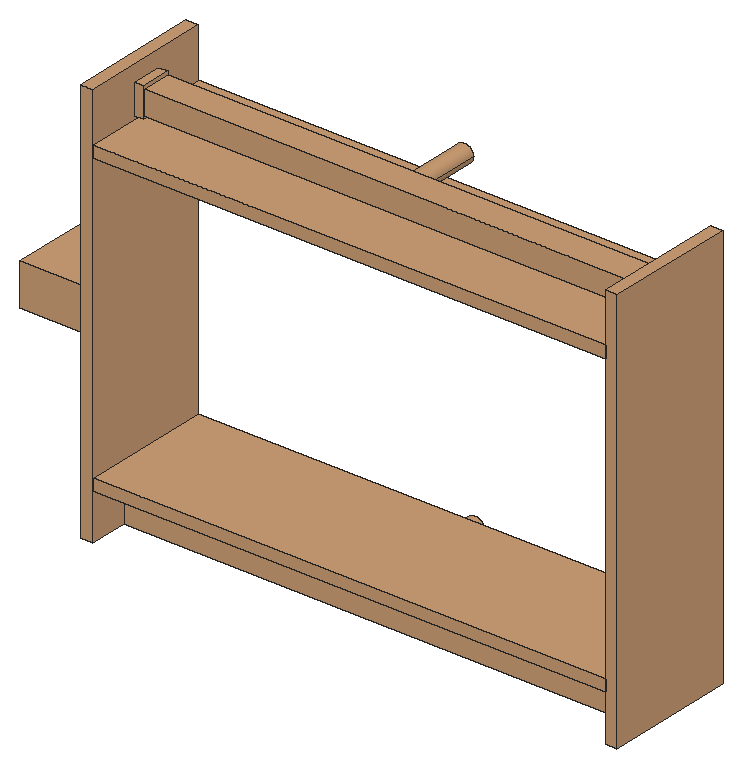
Revit family
Parameters
  Center Of Unit = 0' - 0"  # constant formula
  Water Pressure Drop [instance] = 0.00 psi
  Water Flow [instance] = 0 GPM
  Unit Weight (lbs) = 785
  URL = "http://www.ljwing.com/"
  Water Outlet Radius = 0' - 1 1/2"
  Water Outlet Odd sizes = 0' - 0"
  Total Heating Capacity [instance] = 0.0 Btu/h
  Temperature Rise [instance] = 0 °F
  Series = "VIFB"
  Outlet Area = 28.60 SF
  Number of Rows = 1  # constant formula
  Number of Coils [instance] = 0
  Nominal Length = 7' - 5 3/4"
  Model = "VC-8"
  Manufacturer = "LJ Wing"
  Leaving Water Temperature [instance] = 0 °F
  Leaving Air Temperature [instance] = 0 °F
  Face Velocity (FPM) [instance] = 0
  Entering Water Temperature [instance] = 0 °F
  Entering Air Temperature [instance] = 0 °F
  Description = "Vertical Integral Face & Bypass Water Heating Coils"
  Hot Water Odd Sizes = 0' - 0"
  Hot Water Inlet Offset = 0' - 4 3/8"  # constant formula
  Hot Water Inlet  Radius = 0' - 1 1/2"
  Coil Face Area = Outlet Area * 0.56  # 16.016 SF
  Casing Material = ""
  Assembly Code = "D3020300"
  Air Pressure Drop [instance] = 0.00 in-wg
  Air Inlet Width = Nominal Length - 0' 4"  # 7' - 1 3/4"
  Air Inlet Height = Y  # 4' - 0"
  Air Flow [instance] = 0 CFM
  Z = 0' - 2 1/8"
  Y = 4' - 0"
  S = 0' - 9 3/4"
  Product URL = "http://www.ljwing.com/html/vifb.asp"
  OmniClass = "23-75 70 21 14"
  Nominal Height = 5' - 8"
  Nominal Depth = 1' - 10"
  R = 0' - 10 1/4"
  Q = 0' - 2 7/8"
  P = 0' - 5 1/8"
  L = 0' - 5 15/16"
Reference planes (in)
  plane 1 "Center (Front/Back)": y = 0
  plane 2: z = -24
  plane 3 "Center (Left/Right)": x = 0
  plane 4: z = 34.25
  plane 5: x = -44.875
  plane 6: x = 44.875
  plane 7: z = -33.75
  plane 8: z = 0
  plane 9: y = -11
  plane 10: y = 11
  plane 11: z = 24
  plane 12: z = 26
  plane 13: z = -26
  plane 14: x = 42.875
  plane 15: x = -42.875
  plane 16: z = 29.125
  plane 17: z = -27.8125
  plane 18: x = -42
  plane 19: x = 42
  plane 20: y = 13.125
  plane 21: y = 15.375
  plane 22: x = -55.875
  plane 23: x = 0
  plane 24: x = 0
  plane 25: z = 31.125
  plane 26: z = 27.125
  plane 27: y = -2.5
  plane 28: y = 2.5
  plane 29: y = -4.5
Forms (in)
  Extrusion 1, solid, material "Painted Finish"
    sketch origin (0, 6, -9.75) x (1, 0, 0) y (0, 0, 1)
      loop
        line (-44.875, -24) -> (-42.875, -24) -> (-42.875, 44) -> (-44.875, 44) -> (-44.875, -24)
      loop
        line (44.875, -24) -> (44.875, 44) -> (42.875, 44) -> (42.875, -24) -> (44.875, -24)
    from -5 to 17
  Extrusion 2, solid, material "Painted Finish"
    sketch origin (0, 6, 0) x (1, 0, 0) y (0, 0, 1)
      loop
        line (42.875, -24) -> (-42.875, -24) -> (-42.875, -26) -> (42.875, -26) -> (42.875, -24)
      loop
        line (42.875, 24) -> (42.875, 26) -> (-42.875, 26) -> (-42.875, 24) -> (42.875, 24)
    from -5 to 17
  Extrusion 3, solid, material "Painted Finish"
    sketch origin (0, 10, -0.5) x (1, 0, 0) y (0, 0, 1)
      loop
        line (-44.875, 4) -> (-55.875, 4) -> (-55.875, -3) -> (-44.875, -3) -> (-44.875, 4)
    from 0 to 20
  Extrusion 4, solid, material "Painted Finish"
    sketch origin (0, 6, 0) x (1, 0, 0) y (0, 0, 1)
      loop
        line (-41.25, 31.125) -> (-41.25, 27.125) -> (41.25, 27.125) -> (41.25, 31.125) -> (-41.25, 31.125)
    from 3.5 to 8.5
  Extrusion 5, solid, material "Painted Finish"
    sketch origin (0, 0, 0) x (1, 0, 0) y (0, 0, 1)
      loop
        line (-41.25, 26.625) -> (-41.25, 31.625) -> (-42.875, 31.625) -> (-42.875, 26.625) -> (-41.25, 26.625)
      loop
        line (42.875, 26.625) -> (42.875, 31.625) -> (41.25, 31.625) -> (41.25, 26.625) -> (42.875, 26.625)
    from -2.5 to 2.5
  Extrusion 6, solid, material "Painted Finish"
    sketch origin (0, 23, 0) x (1, 0, 0) y (0, 0, 1)
      loop
        circle (0, 29.125) r 1.5
    from 9.875 to 20.5
  Extrusion 7, solid, material "Painted Finish"
    sketch origin (0, 6, 0) x (1, 0, 0) y (0, 0, 1)
      loop
        line (-42.875, -26) -> (-42.875, -33.75) -> (42.875, -33.75) -> (42.875, -26) -> (-42.875, -26)
    from -5 to 10.5
  Extrusion 8, solid, material "Painted Finish"
    sketch origin (0, 23, 0) x (1, 0, 0) y (0, 0, 1)
      loop
        circle (0, -27.8125) r 1.5
    from 7.625 to 12
  Extrusion 9, void
    sketch origin (0, 0, 0) x (1, 0, 0) y (0, 0, 1)
      loop
        line (-42.875, 24) -> (-42.875, -24) -> (42.875, -24) -> (42.875, 24) -> (-42.875, 24)
    from -11 to 11
Cuts and joins
  Extrusion 9 cuts Extrusion 1
  Extrusion 9 cuts Extrusion 2
Dimensions and locks (in)
  "Nominal Length": plane 6 to plane 5
  equal spacing: plane 6, plane 3 "Center (Left/Right)", plane 5
  "S": plane 2 to plane 7
  "Nominal Depth": plane 10 to plane 9
  equal spacing: plane 10, plane 1 "Center (Front/Back)", plane 9
  "Y": plane 11 to plane 2
  "R": plane 4 to plane 11
  locked: plane 12 to plane 11 at 2
  locked: plane 2 to plane 13 at 2
  "P": plane 4 to plane 16
  "L": plane 17 to plane 7
  "Q": plane 18 to plane 5
  "Q": plane 6 to plane 19
  "Z": plane 20 to plane 10
  "Hot Water Inlet Offset": plane 21 to plane 10
  locked: plane 5 to plane 22 at 11
  locked: Extrusion 3 sketch curve to Extrusion 3 sketch curve at 7
  locked: Extrusion 3 to Extrusion 3 at 20
  locked: plane 6 to plane 14 at 2
  locked: plane 15 to plane 5 at 2
  "Water Outlet Odd sizes": plane 23 to plane 3 "Center (Left/Right)"
  "Hot Water Odd Sizes": plane 3 "Center (Left/Right)" to plane 24
  equal spacing: plane 25, plane 16, plane 26
  locked: Extrusion 5 sketch curve to plane 25 at 0.5
  locked: plane 26 to Extrusion 5 sketch curve at 0.5
  locked: Extrusion 6 sketch curve to plane 16 at 0
  locked: Extrusion 6 sketch curve to plane 23 at 0
  locked: Extrusion 8 sketch curve to plane 17 at 0
  locked: Extrusion 8 sketch curve to plane 24 at 0
  locked: plane 25 to plane 26 at 4
  locked: plane 28 to plane 27 at 5
  equal spacing: plane 28, plane 1 "Center (Front/Back)", plane 27
  locked: plane 27 to plane 29 at 2
  plane 4 to plane 7 = 5' - 8"
  locked: Extrusion 5 sketch curve to Extrusion 1 at 1.625
  locked: Extrusion 5 sketch curve to Extrusion 5 sketch curve at 1.625
  locked: Extrusion 9 sketch curve to plane 11 at 0
  locked: Extrusion 9 sketch curve to plane 15 at 0
  locked: Extrusion 9 sketch curve to plane 14 at 0
  locked: Extrusion 9 sketch curve to plane 2 at 0
  equal spacing: plane 11, plane 8, plane 2
  "Water Outlet Radius": radius of Extrusion 6 sketch curve
  "Hot Water Inlet  Radius": radius of Extrusion 8 sketch curve
  aligned and locked: Extrusion 1 to plane 9
  aligned and locked: Extrusion 1 to plane 10
  aligned and locked: plane 15 to Extrusion 1
  aligned and locked: Extrusion 1 to plane 14
  aligned and locked: Extrusion 2 to plane 9
  aligned and locked: plane 9 to Extrusion 1
  aligned and locked: plane 10 to Extrusion 1  (x2)
  aligned and locked: Extrusion 2 to plane 10
  aligned and locked: plane 10 to Extrusion 2  (x2)
  aligned and locked: plane 9 to Extrusion 2  (x2)
  aligned and locked: plane 5 to Extrusion 3
  aligned and locked: Extrusion 5 sketch curve to plane 15
  aligned and locked: Extrusion 5 sketch curve to Extrusion 4
  aligned and locked: Extrusion 6 to plane 20
  aligned and locked: Extrusion 1 to Extrusion 7
  aligned and locked: Extrusion 8 to plane 10
  aligned and locked: plane 21 to Extrusion 8
  aligned and locked: plane 27 to Extrusion 5
  aligned and locked: Extrusion 5 to Extrusion 4  (x2)
  aligned and locked: Extrusion 5 to plane 28
  aligned and locked: Extrusion 6 to Extrusion 4
  aligned and locked: Extrusion 7 to plane 29  (x2)
  aligned and locked: Extrusion 8 to Extrusion 7
  aligned and locked: Extrusion 4 to Extrusion 5  (x2)
  aligned and locked: Extrusion 5 to Extrusion 1  (x2)
  aligned and locked: plane 2 to Extrusion 2
  aligned and locked: plane 6 to Extrusion 1 sketch curve
  aligned and locked: plane 14 to Extrusion 1 sketch curve
  aligned and locked: Extrusion 1 sketch curve to plane 15
  aligned and locked: Extrusion 1 sketch curve to plane 5
  aligned and locked: plane 7 to Extrusion 1 sketch curve  (x2)
  aligned and locked: Extrusion 1 sketch curve to plane 4  (x2)
  aligned and locked: Extrusion 2 sketch curve to plane 11
  aligned and locked: Extrusion 2 sketch curve to plane 12
  aligned and locked: Extrusion 2 sketch curve to plane 14  (x2)
  aligned and locked: Extrusion 2 sketch curve to plane 15  (x2)
  aligned and locked: Extrusion 2 sketch curve to plane 13
  aligned and locked: plane 2 to Extrusion 2 sketch curve
  aligned and locked: plane 13 to Extrusion 7 sketch curve
  aligned and locked: Extrusion 7 sketch curve to plane 7
  aligned and locked: Extrusion 7 sketch curve to plane 14
  aligned and locked: plane 15 to Extrusion 7 sketch curve
  aligned and locked: cut or joined group of Extrusion 1, Extrusion 9 to plane 10
  aligned and locked: Extrusion 8 to plane 21
Automatic sketch dimensions
  Extrusion 3 sketch curve to plane 22 = 0' - 0"
  Extrusion 3 sketch curve to plane 5 = 0' - 0"
  plane 8 to Extrusion 3 sketch curve = 0' - 3 1/2"
  Extrusion 4 sketch curve to plane 25 = 0' - 0"
  Extrusion 4 sketch curve to plane 26 = 0' - 0"
  plane 18 to Extrusion 4 sketch curve = 0' - 0 3/4"
  Extrusion 4 sketch curve to plane 19 = 0' - 0 3/4"
  plane 26 to Extrusion 5 sketch curve = 0' - 0 1/2"
  Extrusion 5 sketch curve to plane 25 = 0' - 0 1/2"
Connectors (in)
  hvac at (0, -11, 0), driven by "Air Inlet Height", driven by "Air Inlet Width", driven by "Air Flow", driven by "Air Pressure Drop"
    settings: on Extrusion 9, index 1
  hvac at (0, 11, 0), driven by "Air Pressure Drop", driven by "Air Inlet Height", driven by "Air Inlet Width", driven by "Air Flow"
    settings: on Extrusion 9, index 2
  piping at (0, 13.125, 29.125), driven by "Water Flow", driven by "Water Outlet Radius", driven by "Water Pressure Drop"
    settings: on Extrusion 6, index 3
  piping at (0, 15.375, -27.8125), driven by "Water Flow", driven by "Water Pressure Drop", driven by "Hot Water Inlet  Radius"
    settings: on Extrusion 8, index 4
